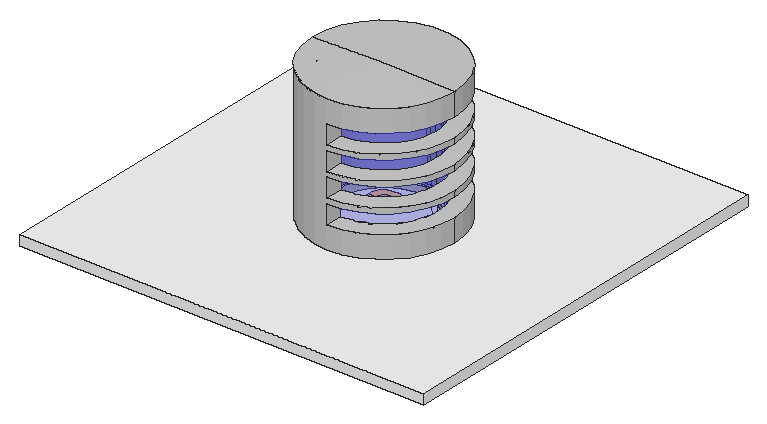
Revit family "BE_99770_de_DE", category Leuchten, Revit 2020
Family settings
  Basisbauteil = Fläche
  Bemaßung runder Anschluss = Durchmesser verwenden
  Teiletyp = Normal
  Beim Laden mit Abzugskörper schneiden = Ja
  Lichtquelle = Ja
  Gemeinsam genutzt = Nein
  Raumberechnungspunkt = Ja
Parameters (values of type "BEGA_99770_Silber_K4")
  built-in parameter 1150104 = 10.013 (stored number, unit not read)
  Werkzeuglos = ""
  Wattage = 9 W
  Default Elevation = 0 mm
  built-in parameter 1150113 = 1 (stored number, unit not read)
  built-in parameter 1114218 = 1 (stored number, unit not read)
  Umgebungstemperatur = "25 °C"
  URL = "https://www.bega.com/de/produkt/99770"
  Typenkommentare = "© 2022 BEGA. Wir behalten uns das Recht vor, technische Änderungen ohne vorherige Ankündigung vorzunehmen."  # constant formula
  Type Image = 99770.png
  built-in parameter 1150134 = 12
  built-in parameter 1150109 = 1 (stored number, unit not read)
  Strom = ""
  built-in parameter 1150110 = 1 (stored number, unit not read)
  Spannung = 239.996 V
  Sonderanfertigung = no
  Seriennummer [instance] = "Hier können Sie die eindeutige Seriennummer für das Facility Management eintragen."
  Schutzklasse = "I"
  Schutzart = "IP 65"
  Scheinlast = 0 VA
  Produktdatenblatt = "https://cdn.bega.com/bega/products/99770K3/current/documents/data-sheets/de"
  Oberflächentemperatur = ""
  Neigungswinkel = 0.00°
  Modell = "99770AK4"
  Material_18 = BEGA_Gummi_schwarz
  Material_17 = BEGA_Reflektor
  Material_15 = BEGA_Leuchtmedium_matt
  Material_11 = BEGA_Glas_opal
  Material_06 = BEGA_Oberfläche_Edelstahl_gebürstet
  Material_02 = BEGA_Oberfläche_Silber_matt
  Material_01 [instance] = BEGA_Oberfläche_Grafit_matt
  M_G = no
  M_A = yes
  Logo = 0
  built-in parameter 1114217 = 1 (stored number, unit not read)
  built-in parameter 1150139 = (empty or 0)
  built-in parameter 1150105 = 77.192 (stored number, unit not read)
  built-in parameter 1150114 = 1 (stored number, unit not read)
  Lumens = 970.02 lm
  built-in parameter 1150115 = 1 (stored number, unit not read)
  Leuchtenlichtstrom = "120 lm"
  Leuchtenanzahl = ""
  Lebensdauerkriterien = "L70B50 @ 25 °C = 200000 h"
  Lastklassifizierung = Beleuchtung
  built-in parameter 1150112 = 1 (stored number, unit not read)
  Lampenlichtstrom = "1095 lm"
  Lampe = "LED 5.9 W"
  LED_Modulbezeichnung = "LED-0557/840"
  built-in parameter 1150142 = (empty or 0)
  Hersteller = "BEGA"  # constant formula
  Gewicht = "2.5 kg"
  Gebrauchslageneinschränkung [instance] = ""
  Frequenz = "0/50-60 Hz"
  Farbwiedergabeindex = "CRI > 80"
  Farbtemperaturverschiebung bei Dämpfen der Lampe = <Keine Auswahl>
  Farbtemperatur = "4000 K"
  Color Filter = 16777215
  built-in parameter 1150133 = 10 (stored number, unit not read)
  Energieeffizienzklasse = "LED A++ - A"
  built-in parameter 1150137 = (empty or 0)
  built-in parameter 1150132 = (empty or 0)
  ENEC = "ja"
  Datei für fotometrisches Netz = "BE_99770K4.IES"
  CE_Konformität = "ja"
  Bestellnummer = "99770AK4"
  Beschreibung_Sonderanfertigung = "Hier können Sie Informationen zur Sonderanfertigung eintragen."
  Beschreibung = "Pollerleuchtenkopf"
  built-in parameter 1150106 = 0.77192 (stored number, unit not read)
  BEGA_Intern_aus = yes
  BEGA_Intern_an = yes
  BEGA_Intern_Konstruktion = yes
  BEGA_Intern = yes
  BEGA_IES = yes
  BEGA_Dummy = no
  Anschlussleistung [instance] = "7 W"
  built-in parameter 1150107 = 4000 (stored number, unit not read)
  built-in parameter 1150102 = (empty or 0)
  built-in parameter 1150138 = (empty or 0)
  Aktualisierung = "2022-05-20T04:00:08"
  AC/DC = "AC/DC"
Types (4, lengths in mm): name | built-in parameter 1150104 | built-in parameter 1150134 | Modell | M_G | M_A | built-in parameter 1150105 | Lumens | Leuchtenlichtstrom | Lampenlichtstrom | LED_Modulbezeichnung | Farbtemperatur | Datei für fotometrisches Netz | Bestellnummer | built-in parameter 1150106 | built-in parameter 1150107
  BEGA_99770_Silber_K4 | 10.013 (stored number, unit not read) | 12 | "99770AK4" | no | yes | 77.192 (stored number, unit not read) | 970.02 lm | "120 lm" | "1095 lm" | "LED-0557/840" | "4000 K" | "BE_99770K4.IES" | "99770AK4" | 0.77192 (stored number, unit not read) | 4000 (stored number, unit not read)
  BEGA_99770_Grafit_K4 | 10.013 (stored number, unit not read) | 12 | "99770K4" | yes | no | 77.192 (stored number, unit not read) | 970.02 lm | "120 lm" | "1095 lm" | "LED-0557/840" | "4000 K" | "BE_99770K4.IES" | "99770K4" | 0.77192 (stored number, unit not read) | 4000 (stored number, unit not read)
  BEGA_99770_Silber_K3 | 9.4455 (stored number, unit not read) | (empty or 0) | "99770AK3" | no | yes | 72.816 (stored number, unit not read) | 915.03 lm | "118 lm" | "1080 lm" | "LED-0557/830" | "3000 K" | "BE_99770K3.IES" | "99770AK3" | 0.72816 (stored number, unit not read) | 3000 (stored number, unit not read)
  BEGA_99770_Grafit_K3 | 9.4455 (stored number, unit not read) | (empty or 0) | "99770K3" | yes | no | 72.816 (stored number, unit not read) | 915.03 lm | "118 lm" | "1080 lm" | "LED-0557/830" | "3000 K" | "BE_99770K3.IES" | "99770K3" | 0.72816 (stored number, unit not read) | 3000 (stored number, unit not read)
Reference planes
  plane 1 "Mitte (Vorne/Hinten)": y = 0
  plane 2: z = 0
  plane 3 "Mitte (Links/Rechts)": x = 0
  plane 4 "Links": x = -70
  plane 5 "Rechts": x = 70
  plane 6 "Unten": y = -69.784
  plane 7 "Oben": y = 69.784
  plane 8 "Vorne": z = 133.6
  plane 9 "Hinten": z = -132.072
Forms (mm)
  Extrusion 1, solid, material "BEGA_Platte_Weiss"
    sketch origin (0, -1119.2, 0) x (1, 0, 0) y (0, 1, 0)
      loop
        line (-200, 1319.2) -> (-200, 919.2) -> (200, 919.2) -> (200, 1319.2) -> (-200, 1319.2)
    from 0 to -10
  Extrusion 2, solid, material "BEGA_Dummy_matt", visible <- "BEGA_Dummy"
    sketch origin (77.149, -76.023, 0) x (1, 0, 0) y (0, 1, 0)
      loop
        circle (-77.149, 76.023) r 70
    from 0 to 25.379
Dimensions and locks
  plane 1 "Mitte (Vorne/Hinten)" to Extrusion 1 = 200 mm
  aligned and locked: plane 2 to Extrusion 1
  aligned and locked: level to Extrusion 1
Nested families
  nested 1: "BE_99770_Pollerkopf" at (0, 0, 0), type "BE_99770_Pollerkopf"
    with BEGA_Infotext_Winkel no
Connectors
  electrical at (0, 0, 0), driven by "Lastklassifizierung", driven by "Spannung", driven by "Scheinlast"
    settings: index 1, voltage 239.996 V, apparent load 0 VA, apparent load phase1 0 VA, apparent load phase2 0 VA, apparent load phase3 0 VA, power factor 1, load classification "Beleuchtung", number of poles 1, system type 31, power factor state 1, is connector primary yes, connector utility no, sub classification motor no, connector description ""
Definition of nested family "BE_99770_Pollerkopf"
  Parameters (values of type "BE_99770_Pollerkopf")
    Default Elevation = 1 mm
    URL = "http://www.bega.de/de/produkt"
    Type Comments = "© 2015 BEGA. Wir behalten uns das Recht vor, technische Änderungen ohne vorherige Ankündigung vorzunehmen. "  # constant formula
    Type Image = element 70688
    Material_18 = none
    Material_15 = none
    Material_11 = none
    Material_02 = none
    Material_01 = none
    M_G = yes
    M_A = yes
    Länge_Platte = 200 mm  # constant formula
    Höhe_Platte = -10 mm  # constant formula
    Manufacturer = "BEGA"  # constant formula
    Breite_Platte = 200 mm  # constant formula
    BEGA_Infotext_Winkel [instance] = no
    Aktualisierung = "Stand: 25.03.2015"  # constant formula
  Reference planes
    plane 1 "Mitte (Oben/Unten)": y = 0
    plane 2: z = 0
    plane 3 "Mitte (Links/Rechts)": x = 0
    plane 4 "Links": x = -70
    plane 5 "Rechts": x = 70
    plane 6 "Oben": y = 69.784
    plane 7 "Unten": y = -69.784
    plane 8: z = 133.6
    plane 9: z = -132.072
  Forms (mm)
    Extrusion 1, solid, detail levels medium
      sketch origin (0, 0, 0) x (1, 0, 0) y (0, 1, 0)
        loop
          line (-100, 100) -> (-100, -100) -> (100, -100) -> (100, 100) -> (-100, 100)
      from 0 to -10 <- "Höhe_Platte"
    Revolve 2, solid, material <- "Material_01", visible <- "M_G", detail levels medium+fine
      sketch origin (0, 0, 0) x (1, 0, 0) y (0, 0, 1)
        loop
          line (-70, 133.6) -> (-70, 0) -> (-67.2, 0) -> (-67.06, 4) -> (-54.276, 4) -> (-52.5, 131.15) -> (-48.376, 131.15) -> (-48.202, 126.146) -> (-33.8, 126.146) -> (-33.625, 131.146) -> (0, 131.146) -> (0, 134.822) -> (-70, 133.6)
        axis (0, 134.822) -> (0, 0)
      angle from 0 to 360
    Revolve 3, solid, material <- "Material_11"
      sketch origin (0, 0, 0) x (1, 0, 0) y (0, 0, 1)
        loop
          line (-39.531, 120.5) -> (0, 120.5) -> (0, 125.5) -> (-48.379, 125.5)
          arc (-48.379, 125.5) -> (-50.481, 124.64) -> (-51.378, 122.552) r 3
          line (-51.378, 122.552) -> (-53.5, 1) -> (-48.5, 1) -> (-45.524, 114.657)
          arc (-45.524, 114.657) -> (-43.714, 118.796) -> (-39.531, 120.5) r 6
        axis (0, 125.5) -> (0, 1)
      angle from 0 to 360
    Revolve 4, solid, material <- "Material_01", visible <- "M_G", detail levels medium+fine
      sketch origin (0, 0, 0) x (1, 0, 0) y (0, 0, 1)
        loop
          line (-66.8, 0) -> (-64.8, 0) -> (-63.389, -8) -> (-57, -8.223) -> (-57, -26.7) -> (-60, -29.7) -> (-60, -32.2) -> (-46.792, -32.2) -> (-46.446, -42.099)
          arc (-46.446, -42.099) -> (-46.236, -42.929) -> (-45.698, -43.595) r 2
          line (-45.698, -43.595) -> (-43.935, -45) -> (-32.5, -45) -> (-32.203, -53.5) -> (-29.5, -53.5) -> (-28.834, -40.8) -> (-6.049, -40.8) -> (-6.147, -38) -> (-42.929, -38) -> (-44.5, 7) -> (-46.651, 7) -> (-47, -3) -> (-54, -3) -> (-54.244, 4) -> (-66.8, 4) -> (-66.8, 0)
        axis (0, 7) -> (0, -53.5)
      angle from 0 to 360
    Revolve 5, solid, material <- "Material_01", visible <- "M_G", detail levels medium+fine
      sketch origin (0, 0, 0) x (1, 0, 0) y (0, 0, 1)
        loop
          line (-33.87, -53.5) -> (-33.8, -57.5) -> (-29.3, -57.5) -> (-28.596, -97.844)
          arc (-28.596, -97.844) -> (-27.848, -99.583) -> (-26.096, -100.3) r 2.5
          line (-26.096, -100.3) -> (-13.57, -100.3)
          arc (-13.57, -100.3) -> (-12.869, -100.586) -> (-12.57, -101.281) r 1
          line (-12.57, -101.281) -> (-12.5, -105.3) -> (-7.6, -105.3) -> (-7.6, -98.5) -> (-24.749, -98.5)
          arc (-24.749, -98.5) -> (-26.151, -97.927) -> (-26.749, -96.535) r 2
          line (-26.749, -96.535) -> (-27.5, -53.5) -> (-33.87, -53.5)
        axis (0, -53.5) -> (0, -105.3)
      angle from 0 to 360
    Revolve 6, solid, material <- "Material_18", detail levels medium+fine
      sketch origin (0, 0, 0) x (1, 0, 0) y (0, 0, 1)
        loop
          arc (-9.197, -127.85) -> (-7.969, -130.818) -> (-5.002, -132.05) r 4.2
          line (-5.002, -132.05) -> (0, -132.05) -> (0, -101.05) -> (-6.93, -101.05) -> (-6.93, -106.05) -> (-9.5, -106.05) -> (-9.5, -111.05) -> (-7.6, -111.05) -> (-7.6, -116.55) -> (-9.5, -116.55) -> (-9.5, -126.502) -> (-9.197, -127.85)
        axis (0, -101.05) -> (0, -132.05)
      angle from 0 to 360
    Revolve 7, solid, material <- "Material_15", detail levels medium+fine
      sketch origin (0, 0, 0) x (1, 0, 0) y (0, 0, 1)
        loop
          line (-15, 12) -> (-7.024, 12) -> (-7.024, 13.8) -> (-15, 13.8) -> (-15, 12)
        axis (0, 13.8) -> (0, 12)
      angle from 0 to 360
    Revolve 8, void
      sketch origin (0, 0, 0) x (1, 0, 0) y (0, 0, 1)
        loop
          line (52.259, 110.98) -> (52.501, 93.711) -> (81.782, 92.689) -> (81.782, 112.011) -> (52.259, 110.98)
        loop
          line (52.59, 87.292) -> (52.832, 70) -> (81.782, 68.989) -> (81.782, 88.311) -> (52.59, 87.292)
        loop
          line (52.921, 63.604) -> (53.163, 46.288) -> (81.782, 45.289) -> (81.782, 64.611) -> (52.921, 63.604)
        loop
          line (53.252, 39.915) -> (53.494, 22.576) -> (81.782, 21.589) -> (81.782, 40.911) -> (53.252, 39.915)
        axis (0, 112.011) -> (0, 21.589)
      angle from -90 to 90
    Revolve 9, solid, material <- "Material_02", visible <- "M_A", detail levels medium+fine
      sketch origin (0, 0, 0) x (1, 0, 0) y (0, 0, 1)
        loop
          line (-70, 133.6) -> (-70, 0) -> (-67.2, 0) -> (-67.06, 4) -> (-54.276, 4) -> (-52.5, 131.15) -> (-48.376, 131.15) -> (-48.202, 126.146) -> (-33.8, 126.146) -> (-33.625, 131.146) -> (0, 131.146) -> (0, 134.822) -> (-70, 133.6)
        axis (0, 134.822) -> (0, 0)
      angle from 0 to 360
    Revolve 10, solid, material <- "Material_02", visible <- "M_A", detail levels medium+fine
      sketch origin (0, 0, 0) x (1, 0, 0) y (0, 0, 1)
        loop
          line (-66.8, 0) -> (-64.8, 0) -> (-63.389, -8) -> (-57, -8.223) -> (-57, -26.7) -> (-60, -29.7) -> (-60, -32.2) -> (-46.792, -32.2) -> (-46.446, -42.099)
          arc (-46.446, -42.099) -> (-46.236, -42.929) -> (-45.698, -43.595) r 2
          line (-45.698, -43.595) -> (-43.935, -45) -> (-32.5, -45) -> (-32.203, -53.5) -> (-29.5, -53.5) -> (-28.834, -40.8) -> (-6.049, -40.8) -> (-6.147, -38) -> (-42.929, -38) -> (-44.5, 7) -> (-46.651, 7) -> (-47, -3) -> (-54, -3) -> (-54.244, 4) -> (-66.8, 4) -> (-66.8, 0)
        axis (0, 7) -> (0, -53.5)
      angle from 0 to 360
    Revolve 11, solid, material <- "Material_02", visible <- "M_A", detail levels medium+fine
      sketch origin (0, 0, 0) x (1, 0, 0) y (0, 0, 1)
        loop
          line (-33.87, -53.5) -> (-33.8, -57.5) -> (-29.3, -57.5) -> (-28.596, -97.844)
          arc (-28.596, -97.844) -> (-27.848, -99.583) -> (-26.096, -100.3) r 2.5
          line (-26.096, -100.3) -> (-13.57, -100.3)
          arc (-13.57, -100.3) -> (-12.869, -100.586) -> (-12.57, -101.281) r 1
          line (-12.57, -101.281) -> (-12.5, -105.3) -> (-7.6, -105.3) -> (-7.6, -98.5) -> (-24.749, -98.5)
          arc (-24.749, -98.5) -> (-26.151, -97.927) -> (-26.749, -96.535) r 2
          line (-26.749, -96.535) -> (-27.5, -53.5) -> (-33.87, -53.5)
        axis (0, -53.5) -> (0, -105.3)
      angle from 0 to 360
  Cuts and joins
    Revolve 8 cuts Revolve 2
    Revolve 8 cuts Revolve 9
  Dimensions and locks
    equal spacing: Extrusion 1 sketch curve, plane 3 "Mitte (Links/Rechts)", Extrusion 1 sketch curve
    equal spacing: Extrusion 1 sketch curve, plane 1 "Mitte (Oben/Unten)", Extrusion 1 sketch curve
    "Länge_Platte": Extrusion 1 sketch curve to Extrusion 1 sketch curve
    "Breite_Platte": Extrusion 1 sketch curve to Extrusion 1 sketch curve
    plane 1 "Mitte (Oben/Unten)" to Extrusion 1 = 100 mm  (x3)
    aligned and locked: Extrusion 1 to plane 2
    aligned and locked: Extrusion 1 to level
  Automatic sketch dimensions
    Revolve 3 sketch curve to plane 3 "Mitte (Links/Rechts)" = 51.378 mm
    Revolve 3 sketch curve to Revolve 3 sketch curve = 3 mm
    Revolve 3 sketch curve to Revolve 3 sketch curve = 8.853 mm
    Revolve 3 sketch curve to Revolve 3 sketch curve = 8 mm
    Revolve 3 sketch curve to Revolve 3 sketch curve = 0.052 mm
    level to Revolve 3 sketch curve = 1 mm
    Revolve 3 sketch curve to plane 3 "Mitte (Links/Rechts)" = 53.5 mm
    Revolve 3 sketch curve to Revolve 3 sketch curve = 0 mm  (x4)
    Revolve 3 sketch curve to Revolve 3 sketch curve = 5.998 mm
    Revolve 3 sketch curve to Revolve 3 sketch curve = 0.005 mm
    Revolve 3 sketch curve to Revolve 3 sketch curve = 0.157 mm
    Revolve 3 sketch curve to Revolve 3 sketch curve = 5 mm  (x2)
    Revolve 3 sketch curve to plane 3 "Mitte (Links/Rechts)" = 0 mm  (x2)
    Revolve 4 sketch curve to level = 0 mm
    Revolve 4 sketch curve to Revolve 4 sketch curve = 2 mm
    Revolve 4 sketch curve to Revolve 4 sketch curve = 1.411 mm
    Revolve 4 sketch curve to level = 8 mm
    Revolve 4 sketch curve to level = 8.223 mm
    Revolve 4 sketch curve to Revolve 4 sketch curve = 6.389 mm
    level to Revolve 4 sketch curve = 4 mm
    Revolve 4 sketch curve to Revolve 4 sketch curve = 10.556 mm
    Revolve 4 sketch curve to Revolve 4 sketch curve = 0.244 mm
    Revolve 4 sketch curve to Revolve 4 sketch curve = 7 mm
    Revolve 4 sketch curve to level = 3 mm
    Revolve 4 sketch curve to Revolve 4 sketch curve = 7.594 mm
    Revolve 4 sketch curve to Revolve 4 sketch curve = 2.151 mm
    level to Revolve 4 sketch curve = 7 mm
    Revolve 4 sketch curve to Revolve 4 sketch curve = 14.071 mm
    Revolve 4 sketch curve to Revolve 4 sketch curve = 18.477 mm
    Revolve 4 sketch curve to Revolve 4 sketch curve = 11.3 mm
    Revolve 4 sketch curve to Revolve 4 sketch curve = 3 mm
    Revolve 4 sketch curve to Revolve 4 sketch curve = 3.863 mm
    Revolve 4 sketch curve to Revolve 4 sketch curve = 3.518 mm
    Revolve 4 sketch curve to Revolve 4 sketch curve = 2.512 mm
    Revolve 4 sketch curve to Revolve 4 sketch curve = 36.782 mm
    Revolve 4 sketch curve to Revolve 4 sketch curve = 0.297 mm
    Revolve 4 sketch curve to Revolve 4 sketch curve = 2.703 mm
    Revolve 4 sketch curve to Revolve 4 sketch curve = 4.099 mm
    Revolve 4 sketch curve to Revolve 4 sketch curve = 8.5 mm
    Revolve 4 sketch curve to Revolve 4 sketch curve = 5.8 mm
    Revolve 4 sketch curve to Revolve 4 sketch curve = 2.5 mm
    Revolve 4 sketch curve to Revolve 4 sketch curve = 1.999 mm
    Revolve 4 sketch curve to Revolve 4 sketch curve = 0.064 mm
    Revolve 4 sketch curve to Revolve 4 sketch curve = 0.749 mm
    Revolve 5 sketch curve to plane 3 "Mitte (Links/Rechts)" = 33.87 mm
    Revolve 5 sketch curve to Revolve 5 sketch curve = 0.07 mm  (x2)
    Revolve 5 sketch curve to Revolve 5 sketch curve = 4 mm  (x2)
    Revolve 5 sketch curve to plane 3 "Mitte (Links/Rechts)" = 26.096 mm
    Revolve 5 sketch curve to Revolve 5 sketch curve = 1.347 mm  (x2)
    Revolve 5 sketch curve to Revolve 5 sketch curve = 11.179 mm
    Revolve 5 sketch curve to Revolve 5 sketch curve = 1.3 mm
    Revolve 5 sketch curve to Revolve 5 sketch curve = 4.5 mm
    Revolve 5 sketch curve to Revolve 5 sketch curve = 2.5 mm
    Revolve 5 sketch curve to Revolve 5 sketch curve = 0 mm  (x9)
    Revolve 5 sketch curve to Revolve 5 sketch curve = 1.8 mm
    Revolve 5 sketch curve to Revolve 5 sketch curve = 0.653 mm
    Revolve 5 sketch curve to Revolve 5 sketch curve = 4.9 mm
    Revolve 7 sketch curve to plane 3 "Mitte (Links/Rechts)" = 15 mm
    level to Revolve 7 sketch curve = 12 mm
    Revolve 7 sketch curve to plane 3 "Mitte (Links/Rechts)" = 7.024 mm
    Revolve 7 sketch curve to plane 3 "Mitte (Links/Rechts)" = 0 mm
    Revolve 7 sketch curve to Revolve 7 sketch curve = 1.8 mm
    Revolve 3 sketch curve to Revolve 3 sketch curve = 113.5 mm
    Revolve 3 sketch curve to Revolve 3 sketch curve = 2483.558 mm
    Revolve 7 sketch curve to Revolve 7 sketch curve = 2595.258 mm
    Revolve 4 sketch curve to plane 3 "Mitte (Links/Rechts)" = 0 mm
    Revolve 4 sketch curve to Revolve 4 sketch curve = 3.666 mm
    Revolve 4 sketch curve to Revolve 4 sketch curve = 4.2 mm
    plane 8 to Revolve 4 sketch curve = 2475.458 mm
    Revolve 4 sketch curve to Revolve 4 sketch curve = 26.353 mm
    Revolve 4 sketch curve to plane 3 "Mitte (Links/Rechts)" = 6.049 mm
    Revolve 4 sketch curve to Revolve 4 sketch curve = 0.098 mm
    Revolve 4 sketch curve to Revolve 4 sketch curve = 2.8 mm
    Revolve 6 sketch curve to plane 3 "Mitte (Links/Rechts)" = 0 mm  (x2)
    Revolve 6 sketch curve to plane 3 "Mitte (Links/Rechts)" = 4.997 mm
    Revolve 6 sketch curve to Revolve 6 sketch curve = 0.005 mm
    Revolve 6 sketch curve to Revolve 6 sketch curve = 6.93 mm
    Revolve 6 sketch curve to plane 3 "Mitte (Links/Rechts)" = 7.6 mm
    Revolve 6 sketch curve to Revolve 6 sketch curve = 4.2 mm
    Revolve 6 sketch curve to Revolve 6 sketch curve = 0.303 mm
    Revolve 6 sketch curve to Revolve 6 sketch curve = 1.9 mm
    Revolve 6 sketch curve to Revolve 6 sketch curve = 5 mm  (x2)
    Revolve 6 sketch curve to Revolve 6 sketch curve = 5.5 mm
    Revolve 6 sketch curve to Revolve 6 sketch curve = 9.952 mm
    Revolve 6 sketch curve to Revolve 6 sketch curve = 1.348 mm  (x2)
    Revolve 6 sketch curve to Revolve 6 sketch curve = 477.55 mm
    plane 8 to Revolve 6 sketch curve = 2475.458 mm
    Revolve 3 sketch curve to level = 609.6 mm
    Revolve 4 sketch curve to Revolve 4 sketch curve = 556.1 mm
    Revolve 5 sketch curve to plane 3 "Mitte (Links/Rechts)" = 0 mm
    Revolve 5 sketch curve to Revolve 5 sketch curve = 1 mm
    Revolve 5 sketch curve to level = 105.3 mm
    Revolve 5 sketch curve to Revolve 5 sketch curve = 0.019 mm
    Revolve 5 sketch curve to Revolve 5 sketch curve = 2.781 mm
    Revolve 5 sketch curve to Revolve 5 sketch curve = 0.7 mm
    Revolve 5 sketch curve to Revolve 5 sketch curve = 39.035 mm
    Revolve 5 sketch curve to Revolve 5 sketch curve = 504.3 mm
    plane 8 to Revolve 5 sketch curve = 2475.458 mm
    Revolve 6 sketch curve to level = 101.05 mm
    Revolve 7 sketch curve to level = 609.6 mm
    Revolve 2 sketch curve to level = 0 mm
    Revolve 2 sketch curve to plane 4 "Links" = 0 mm
    Revolve 2 sketch curve to plane 3 "Mitte (Links/Rechts)" = 0 mm  (x2)
    Revolve 2 sketch curve to plane 8 = 0 mm
    Revolve 2 sketch curve to Revolve 2 sketch curve = 4.124 mm
    Revolve 2 sketch curve to Revolve 2 sketch curve = 0.175 mm  (x2)
    Revolve 2 sketch curve to Revolve 2 sketch curve = 14.402 mm
    Revolve 2 sketch curve to plane 8 = 2.454 mm
    Revolve 2 sketch curve to Revolve 2 sketch curve = 5 mm
    plane 8 to Revolve 2 sketch curve = 1.222 mm
    Revolve 2 sketch curve to Revolve 2 sketch curve = 6.074 mm
    Revolve 2 sketch curve to plane 8 = 2.45 mm
    Revolve 2 sketch curve to plane 9 = 477.528 mm
    Revolve 2 sketch curve to Revolve 2 sketch curve = 2474.236 mm
    Revolve 2 sketch curve to Revolve 2 sketch curve = 2.8 mm
    plane 4 "Links" to Revolve 2 sketch curve = 2.94 mm
    Revolve 2 sketch curve to plane 5 "Rechts" = 124.276 mm
    level to Revolve 2 sketch curve = 4 mm
    Revolve 8 sketch curve to plane 3 "Mitte (Links/Rechts)" = 0 mm
    Revolve 8 sketch curve to plane 9 = 0 mm
    Revolve 8 sketch curve to plane 8 = 0 mm
    Revolve 8 sketch curve to plane 5 "Rechts" = 17.741 mm
    Revolve 8 sketch curve to Revolve 8 sketch curve = 0.241 mm
    Revolve 8 sketch curve to Revolve 8 sketch curve = 0.09 mm
    Revolve 8 sketch curve to plane 5 "Rechts" = 17.168 mm
    Revolve 8 sketch curve to Revolve 8 sketch curve = 0.089 mm  (x2)
    Revolve 8 sketch curve to plane 5 "Rechts" = 16.837 mm
    Revolve 8 sketch curve to plane 5 "Rechts" = 16.506 mm
    plane 5 "Rechts" to Revolve 8 sketch curve = 11.782 mm  (x3)
    Revolve 8 sketch curve to Revolve 8 sketch curve = 0 mm
    level to Revolve 8 sketch curve = 21.589 mm
    level to Revolve 8 sketch curve = 22.576 mm
    Revolve 8 sketch curve to Revolve 8 sketch curve = 17.339 mm
    Revolve 8 sketch curve to Revolve 8 sketch curve = 19.323 mm  (x4)
    Revolve 8 sketch curve to Revolve 8 sketch curve = 4.377 mm  (x3)
    Revolve 8 sketch curve to Revolve 8 sketch curve = 6.373 mm
    Revolve 8 sketch curve to Revolve 8 sketch curve = 17.316 mm
    Revolve 8 sketch curve to Revolve 8 sketch curve = 6.396 mm
    Revolve 8 sketch curve to Revolve 8 sketch curve = 17.293 mm
    Revolve 8 sketch curve to Revolve 8 sketch curve = 6.419 mm
    Revolve 8 sketch curve to Revolve 8 sketch curve = 17.269 mm
    Revolve 9 sketch curve to plane 4 "Links" = 0 mm
    Revolve 9 sketch curve to level = 0 mm
    Revolve 9 sketch curve to plane 3 "Mitte (Links/Rechts)" = 0 mm  (x2)
    Revolve 9 sketch curve to plane 8 = 0 mm
    Revolve 9 sketch curve to Revolve 9 sketch curve = 2.8 mm
    plane 4 "Links" to Revolve 9 sketch curve = 2.94 mm
    level to Revolve 9 sketch curve = 4 mm
    Revolve 9 sketch curve to Revolve 9 sketch curve = 12.785 mm
    Revolve 9 sketch curve to plane 8 = 2.45 mm
    plane 4 "Links" to Revolve 9 sketch curve = 17.5 mm
    Revolve 9 sketch curve to Revolve 9 sketch curve = 4.124 mm
    Revolve 9 sketch curve to plane 8 = 7.454 mm
    Revolve 9 sketch curve to Revolve 9 sketch curve = 0.175 mm  (x2)
    Revolve 9 sketch curve to Revolve 9 sketch curve = 14.402 mm
    Revolve 9 sketch curve to plane 8 = 2.454 mm
    plane 8 to Revolve 9 sketch curve = 1.222 mm
    Revolve 9 sketch curve to plane 9 = 477.528 mm
    Revolve 9 sketch curve to Revolve 9 sketch curve = 2474.236 mm
    Revolve 10 sketch curve to level = 0 mm
    Revolve 10 sketch curve to plane 3 "Mitte (Links/Rechts)" = 0 mm
    Revolve 10 sketch curve to plane 3 "Mitte (Links/Rechts)" = 6.049 mm
    Revolve 10 sketch curve to Revolve 10 sketch curve = 0.098 mm
    Revolve 10 sketch curve to Revolve 10 sketch curve = 22.786 mm
    Revolve 10 sketch curve to Revolve 10 sketch curve = 0.666 mm
    Revolve 10 sketch curve to Revolve 10 sketch curve = 2.703 mm
    Revolve 10 sketch curve to Revolve 10 sketch curve = 3.666 mm
    Revolve 10 sketch curve to Revolve 10 sketch curve = 10.429 mm
    Revolve 10 sketch curve to Revolve 10 sketch curve = 1.006 mm
    Revolve 10 sketch curve to Revolve 10 sketch curve = 0.513 mm
    level to Revolve 10 sketch curve = 7 mm
    plane 4 "Links" to Revolve 10 sketch curve = 25.5 mm
    Revolve 10 sketch curve to Revolve 10 sketch curve = 1.25 mm
    Revolve 10 sketch curve to Revolve 10 sketch curve = 0.749 mm
    Revolve 10 sketch curve to Revolve 10 sketch curve = 2.151 mm
    Revolve 10 sketch curve to Revolve 10 sketch curve = 3.863 mm
    Revolve 10 sketch curve to level = 3 mm
    Revolve 10 sketch curve to Revolve 10 sketch curve = 0.349 mm
    Revolve 10 sketch curve to Revolve 10 sketch curve = 7 mm
    Revolve 10 sketch curve to Revolve 10 sketch curve = 0.244 mm
    Revolve 10 sketch curve to Revolve 10 sketch curve = 3 mm  (x3)
    Revolve 10 sketch curve to Revolve 10 sketch curve = 6.389 mm
    plane 4 "Links" to Revolve 10 sketch curve = 5.2 mm
    Revolve 10 sketch curve to Revolve 10 sketch curve = 2 mm
    Revolve 10 sketch curve to level = 8 mm
    Revolve 10 sketch curve to Revolve 10 sketch curve = 5.223 mm
    Revolve 10 sketch curve to Revolve 10 sketch curve = 18.477 mm
    Revolve 10 sketch curve to Revolve 10 sketch curve = 2.5 mm
    Revolve 10 sketch curve to level = 38 mm
    Revolve 10 sketch curve to Revolve 10 sketch curve = 2.8 mm
    Revolve 10 sketch curve to Revolve 10 sketch curve = 4.034 mm
    Revolve 10 sketch curve to Revolve 10 sketch curve = 0.064 mm
    Revolve 10 sketch curve to Revolve 10 sketch curve = 4.2 mm
    Revolve 10 sketch curve to Revolve 10 sketch curve = 8.5 mm
    Revolve 10 sketch curve to Revolve 10 sketch curve = 4 mm
    Revolve 10 sketch curve to plane 9 = 477.528 mm
    plane 8 to Revolve 10 sketch curve = 2475.458 mm
    plane 3 "Mitte (Links/Rechts)" to Revolve 11 sketch curve = 0 mm
    Revolve 11 sketch curve to plane 3 "Mitte (Links/Rechts)" = 7.6 mm
    Revolve 11 sketch curve to Revolve 11 sketch curve = 4.9 mm
    Revolve 11 sketch curve to Revolve 11 sketch curve = 0.07 mm  (x2)
    Revolve 11 sketch curve to Revolve 11 sketch curve = 1 mm
    Revolve 11 sketch curve to Revolve 11 sketch curve = 11.179 mm
    Revolve 11 sketch curve to Revolve 11 sketch curve = 1.347 mm  (x3)
    Revolve 11 sketch curve to plane 3 "Mitte (Links/Rechts)" = 27.5 mm
    Revolve 11 sketch curve to Revolve 11 sketch curve = 1.8 mm
    Revolve 11 sketch curve to Revolve 11 sketch curve = 4.5 mm
    plane 9 to Revolve 11 sketch curve = 26.772 mm
    Revolve 11 sketch curve to Revolve 11 sketch curve = 4 mm  (x2)
    Revolve 11 sketch curve to Revolve 11 sketch curve = 0.019 mm
    Revolve 11 sketch curve to Revolve 11 sketch curve = 2.781 mm
    Revolve 11 sketch curve to Revolve 11 sketch curve = 0.7 mm
    Revolve 11 sketch curve to Revolve 11 sketch curve = 1.3 mm
    Revolve 11 sketch curve to Revolve 11 sketch curve = 39 mm
    Revolve 11 sketch curve to Revolve 11 sketch curve = 0 mm  (x8)
    Revolve 11 sketch curve to Revolve 11 sketch curve = 0.653 mm
    Revolve 11 sketch curve to Revolve 11 sketch curve = 1.847 mm
    Revolve 11 sketch curve to plane 9 = 477.528 mm
    plane 8 to Revolve 11 sketch curve = 2475.458 mm
